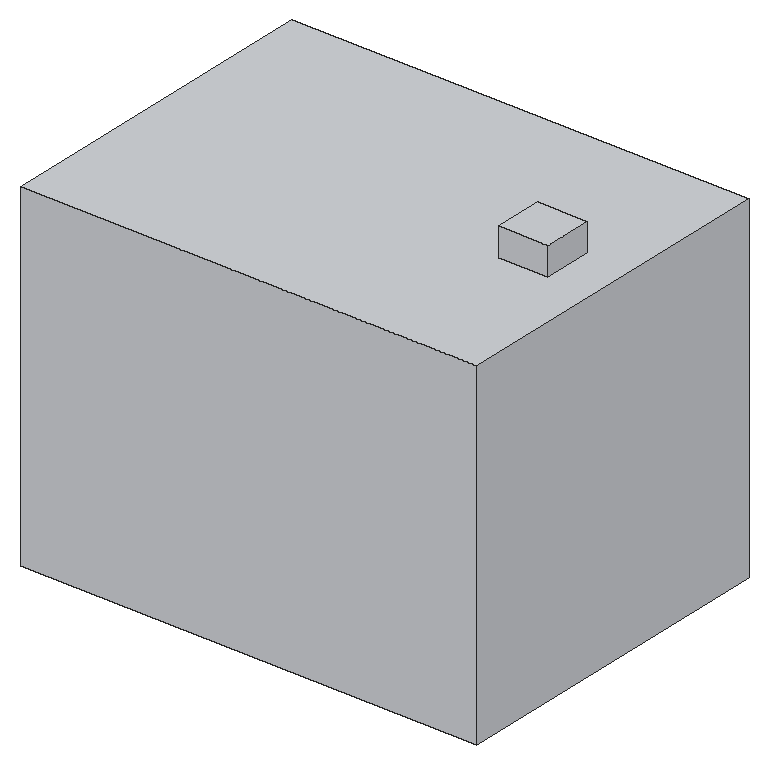
Revit family "M_Ventilador centrífuga - Em linha - Unidade direta", category Equipamento mecânico, Revit 2019
Family settings
  Cota do conector redondo = Utilizar diâmetro
  Tipo de parte = Normal
  ID de item do Seek = Centrifugal Fan - Inline - Direct Drive-0000-CAN-ENU
  Com base no plano de trabalho = Não
  Sempre na vertical = Sim
  Corte com vazios quando carregada = Não
  Compartilhado = Não
  Ponto de cálculo do ambiente = Não
Parameters (values of type "1293 LPS")
  Voltagem = 208 V
  Raio do motor do símbolo = Largura do ventilador * 0.35  # 215.6 mm
  Comprimento do símbolo 1 = Raio do motor do símbolo * 0.3  # 64.68 mm
  Classificação de carga = Refrigeração
  Pressão estática externa [instance] = 0.0 Pa
  Raio do orifício = Diâmetro do orifício * 1 / 2  # 209.55 mm
  Diâmetro do orifício = 419.1 mm
  Número de pólos = 3
  Comprimento 2 = Raio do motor do símbolo - 101.6 mm  # 114 mm
  Comprimento 1 = Raio do motor do símbolo + Comprimento do símbolo 1  # 280.28 mm
  HP = 0.5
  Largura do ventilador = 616 mm
  Material do ventilador = none
  Comprimento do ventilador = 828.8 mm
  Altura do ventilador = Largura do ventilador  # 616 mm
  Largura do duto = 600 mm
  Altura do duto = Largura do duto  # 600 mm
  Assembly Code = ""
  Carga aparente = 313.4 VA
  Fluxo de ar [instance] = 1297.86 L/s
Types (15, lengths in mm): name | Raio do motor do símbolo | Comprimento do símbolo 1 | Raio do orifício | Diâmetro do orifício | Comprimento 2 | Comprimento 1 | HP | Largura do ventilador | Comprimento do ventilador | Altura do ventilador | Largura do duto | Altura do duto | Carga aparente | Fluxo de ar
  179 LPS | 124.46 | 37.338 | 120.65 | 241.3 | 22.86 | 161.798 | 0.1 | 355.6 | 473 | 355.6 | 325 | 325 | 62.7 VA | 179.34 L/s
  2559 LPS | 266.7 | 80.01 | 254 | 508 | 165.1 | 346.71 | 1.5 | 762 | 1009.7 | 762 | 750 | 750 | 940.1 VA | 2569.75 L/s
  362 LPS | 158.935 | 47.681 | 146.05 | 292.1 | 57.335 | 206.615 | 0.05 | 454.1 | 631.9 | 454.1 | 425 | 425 | 31.3 VA | 363.4 L/s
  769 LPS | 158.935 | 47.681 | 146.05 | 292.1 | 57.335 | 206.615 | 0.33333 | 454.1 | 631.9 | 454.1 | 425 | 425 | 208 VA | 462.51 L/s
  480 LPS | 182.245 | 54.673 | 171.45 | 342.9 | 80.645 | 236.918 | 0.083333 | 520.7 | 714.3 | 520.7 | 475 | 475 | 52.2 VA | 482.33 L/s
  648 LPS | 182.245 | 54.673 | 171.45 | 342.9 | 80.645 | 236.918 | 0.25 | 520.7 | 714.3 | 520.7 | 475 | 475 | 156.7 VA | 650.82 L/s
  978 LPS | 182.245 | 54.673 | 171.45 | 342.9 | 80.645 | 236.918 | 0.75 | 520.7 | 714.3 | 520.7 | 475 | 475 | 470.1 VA | 982.12 L/s
  959 LPS | 215.6 | 64.68 | 209.55 | 419.1 | 114 | 280.28 | 0.16667 | 616 | 828.8 | 616 | 600 | 600 | 104.4 VA | 962.77 L/s
  1293 LPS | 215.6 | 64.68 | 209.55 | 419.1 | 114 | 280.28 | 0.5 | 616 | 828.8 | 616 | 600 | 600 | 313.4 VA | 1297.86 L/s
  1948 LPS | 215.6 | 64.68 | 209.55 | 419.1 | 114 | 280.28 | 1.5 | 616 | 828.8 | 616 | 600 | 600 | 940.1 VA | 1956.22 L/s
  216 LPS | 124.46 | 37.338 | 120.65 | 241.3 | 22.86 | 161.798 | 0.1 | 355.6 | 473 | 355.6 | 325 | 325 | 62.7 VA | 217.1 L/s
  268 LPS | 124.46 | 37.338 | 120.65 | 241.3 | 22.86 | 161.798 | 0.1 | 355.6 | 473 | 355.6 | 325 | 325 | 62.7 VA | 269.01 L/s
  320 LPS | 124.46 | 37.338 | 120.65 | 241.3 | 22.86 | 161.798 | 0.1 | 355.6 | 473 | 355.6 | 325 | 325 | 62.7 VA | 320.92 L/s
  418 LPS | 158.935 | 47.681 | 146.05 | 292.1 | 57.335 | 206.615 | 0.05 | 454.1 | 631.9 | 454.1 | 425 | 425 | 31.3 VA | 363.4 L/s
  461 LPS | 158.935 | 47.681 | 146.05 | 292.1 | 57.335 | 206.615 | 0.05 | 454.1 | 631.9 | 454.1 | 425 | 425 | 31.3 VA | 363.4 L/s
Reference planes
  plane 1 "Centro (Frente/Trás)": y = 0
  plane 2 "Inferior": z = 0
  plane 3 "Centro (Esquerda/Direita)": x = 0
  plane 4: x = 828.8
  plane 5 "inferior": y = 308
  plane 6 "frente": y = -308
  plane 7 "Superior": z = 616
  plane 8: z = 666.8
  plane 9: z = 308
  plane 10: x = 76.2
  plane 11: x = 701.8
  plane 12: y = 44.45
  plane 13: y = -44.45
  plane 14: x = 657.35
  plane 15: x = 746.25
  plane 16: x = 414.4
  plane 17: x = 694.68
  plane 18: y = 215.6
  plane 19: x = 630
Forms (mm)
  Extrusion 1, solid, material <- "Material do ventilador"
    sketch origin (0, 0, 0) x (1, 0, 0) y (0, 1, 0)
      loop
        line (0, 308) -> (0, -308) -> (828.8, -308) -> (828.8, 308) -> (0, 308)
    from 0 to 616
  Extrusion 2, void
    sketch origin (0, 0, 0) x (0, 1, 0) y (0, 0, 1)
      loop
        circle (0, 308) r 209.55
    from 0 to 76.2
  Extrusion 3, solid, material <- "Material do ventilador"
    sketch origin (0, 0, 0) x (1, 0, 0) y (0, 1, 0)
      loop
        line (657.35, 44.45) -> (657.35, -44.45) -> (746.25, -44.45) -> (746.25, 44.45) -> (657.35, 44.45)
    from 616 to 666.8
Cuts and joins
  Extrusion 2 cuts Extrusion 1
Lines and regions (mm)
  symbolic lines, detail levels coarse+medium
    curve 1: arc (414.4, 215.6, 0) -> (261.948, -152.452, 0) -> (630, 0, 0) r 215.6
    curve 2: line (630, 0, 0) -> (694.68, 0, 0)
    curve 3: line (694.68, 215.6, 0) -> (414.4, 215.6, 0)
    curve 4: line (694.68, 215.6, 0) -> (694.68, 0, 0)
    curve 5: circle (414.4, 0, 0) r 114 normal (0, 0, 1)
  symbolic lines
    curve 6: line (0, 308, 0) -> (828.8, 308, 0)
    curve 7: line (0, -308, 0) -> (0, 308, 0)
    curve 8: line (828.8, -308, 0) -> (0, -308, 0)
    curve 9: line (828.8, 308, 0) -> (828.8, -308, 0)
  model lines
    curve 10: line (76.2, 308, 616) -> (76.2, -308, 616)
    curve 11: line (76.2, -308, 616) -> (76.2, -308, 0)
    curve 12: line (76.2, 308, 616) -> (76.2, 308, 0)
    curve 13: line (76.2, 308, 0) -> (76.2, -308, 0)
  symbolic lines, detail levels fine
    curve 14: line (657.35, 44.45, 0) -> (746.25, 44.45, 0)
    curve 15: line (657.35, -44.45, 0) -> (657.35, 44.45, 0)
    curve 16: line (746.25, -44.45, 0) -> (657.35, -44.45, 0)
    curve 17: line (746.25, 44.45, 0) -> (746.25, -44.45, 0)
Dimensions and locks
  equal spacing: plane 5 "inferior", plane 1 "Centro (Frente/Trás)", plane 6 "frente"
  "Largura do ventilador": plane 5 "inferior" to plane 6 "frente"
  "Comprimento do ventilador": plane 3 "Centro (Esquerda/Direita)" to plane 4
  "Altura do ventilador": plane 7 "Superior" to plane 2 "Inferior"
  locked: plane 8 to plane 7 "Superior" at 50.8
  equal spacing: plane 7 "Superior", plane 9, plane 2 "Inferior"
  locked: plane 3 "Centro (Esquerda/Direita)" to plane 10 at 76.2
  locked: plane 11 to plane 4 at 127
  locked: plane 12 to plane 1 "Centro (Frente/Trás)" at 44.45
  locked: plane 13 to plane 1 "Centro (Frente/Trás)" at 44.45
  plane 14 to plane 11 to plane 15 = 44.45 mm, 44.45 mm
  equal spacing: plane 3 "Centro (Esquerda/Direita)", plane 16, plane 4
  "Comprimento 1": plane 16 to plane 17
  "Raio do motor do símbolo": plane 18 to plane 1 "Centro (Frente/Trás)"
  "Raio do motor do símbolo": plane 16 to plane 19
  "Raio do orifício": radius of Extrusion 2 sketch curve
  "Raio do motor do símbolo": radius of curve 1
  "Comprimento 2": radius of curve 5
  aligned and locked: Extrusion 1 sketch curve to plane 5 "inferior"
  aligned and locked: Extrusion 1 sketch curve to plane 4
  aligned and locked: plane 6 "frente" to Extrusion 1 sketch curve
  aligned and locked: plane 3 "Centro (Esquerda/Direita)" to Extrusion 1 sketch curve
  aligned and locked: plane 7 "Superior" to Extrusion 1
  aligned and locked: plane 9 to Extrusion 2 sketch curve
  aligned and locked: plane 1 "Centro (Frente/Trás)" to Extrusion 2 sketch curve
  aligned and locked: cut or joined group of Extrusion 1, Extrusion 2 to plane 3 "Centro (Esquerda/Direita)"
  aligned and locked: plane 10 to cut or joined group of Extrusion 1, Extrusion 2
  aligned and locked: plane 15 to Extrusion 3
  aligned and locked: Extrusion 3 to plane 14
  aligned and locked: plane 12 to Extrusion 3
  aligned and locked: plane 13 to Extrusion 3
  aligned and locked: plane 8 to Extrusion 3
  aligned and locked: Extrusion 3 to plane 7 "Superior"
  aligned and locked: plane 1 "Centro (Frente/Trás)" to curve 1
  aligned and locked: plane 18 to curve 3
  aligned and locked: plane 1 "Centro (Frente/Trás)" to curve 2
  aligned and locked: plane 19 to curve 2
  aligned and locked: plane 17 to curve 2
  aligned and locked: plane 17 to curve 3
  aligned and locked: plane 1 "Centro (Frente/Trás)" to curve 5
  aligned and locked: plane 1 "Centro (Frente/Trás)" to curve 4
  aligned and locked: curve 6 to plane 5 "inferior"
  aligned and locked: curve 9 to plane 4
  aligned and locked: plane 6 "frente" to curve 8
  aligned and locked: plane 3 "Centro (Esquerda/Direita)" to curve 7
  aligned and locked: curve 10 to plane 10
  aligned and locked: curve 11 to plane 10
  aligned and locked: curve 12 to plane 10
  aligned and locked: curve 13 to plane 10
  aligned and locked: plane 14 to curve 15
  aligned and locked: curve 17 to plane 15
  aligned and locked: curve 14 to plane 12
  aligned and locked: curve 16 to plane 13
Automatic sketch dimensions
  plane 1 "Centro (Frente/Trás)" to Extrusion 3 sketch curve = 44.45 mm
  Extrusion 3 sketch curve to plane 11 = 44.45 mm
  plane 11 to Extrusion 3 sketch curve = 44.45 mm
  Extrusion 3 sketch curve to plane 1 "Centro (Frente/Trás)" = 44.45 mm
  curve 1 to curve 5 = 0 mm
  curve 10 to plane 6 "frente" = 0 mm
  curve 10 to plane 5 "inferior" = 0 mm
  curve 11 to level = 0 mm
  curve 11 to plane 7 "Superior" = 0 mm
  curve 12 to level = 0 mm
  curve 12 to plane 7 "Superior" = 0 mm
  curve 13 to plane 6 "frente" = 0 mm
  curve 13 to plane 5 "inferior" = 0 mm
Connectors
  hvac at (0, 0, 308), driven by "Fluxo de ar", driven by "Altura do duto", driven by "Largura do duto"
    settings: on cut or joined group of Extrusion 1, Extrusion 2, index 1, duct flow 1297.86 L/s, flow factor 0, pres drop 0.0 Pa, loss coef 0, conn angle 0.00°, conn width 600 mm, conn height 600 mm, conn diameter 609.6 mm, duct sys type 29, conn prof type 1, flow config 0, flow direction 1, loss method 0, conn ref index 2, conn util no, is conn primary yes, conn desc ""
  hvac at (828.8, 0, 308), driven by "Fluxo de ar", driven by "Altura do duto", driven by "Largura do duto", driven by "Pressão estática externa"
    settings: on cut or joined group of Extrusion 1, Extrusion 2, index 2, duct flow 1297.86 L/s, flow factor 0, pres drop 0.0 Pa, loss coef 0, conn angle 0.00°, conn width 600 mm, conn height 600 mm, conn diameter 609.6 mm, duct sys type 29, conn prof type 1, flow config 0, flow direction 2, loss method 0, conn ref index 1, conn util no, is conn primary no, conn desc ""
  electrical at (701.8, 0, 666.8), driven by "Carga aparente", driven by "Voltagem", driven by "Número de pólos", driven by "Classificação de carga"
    settings: on Extrusion 3, index 3, voltage 208 V, apparent load 313.4 VA, apparent load phase1 0 VA, apparent load phase2 0 VA, apparent load phase3 0 VA, power factor 0.8, load classification "Refrigeração", number of poles 3, system type 30, power factor state 1, is connector primary yes, connector utility no, sub classification motor no, connector description ""
